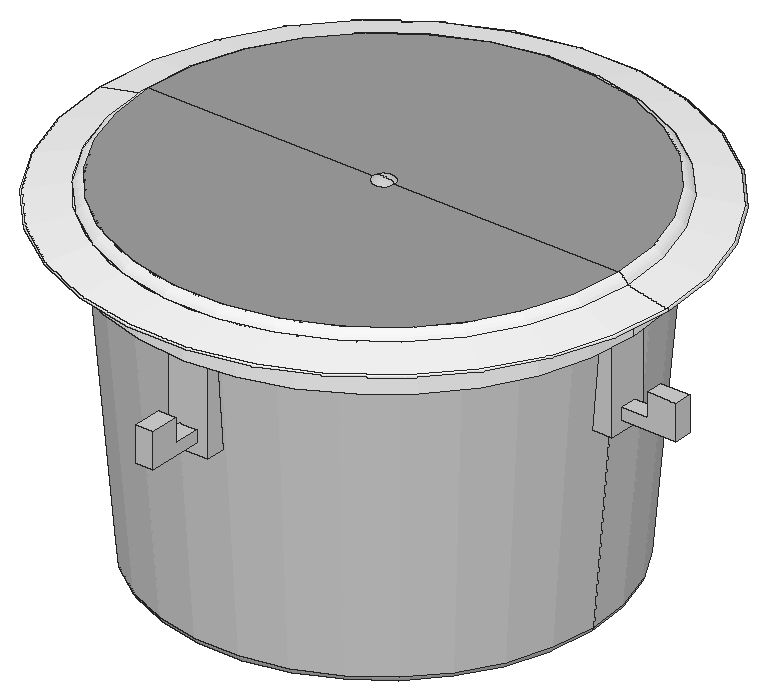
Revit family "FAP62T", category Communication Devices, Revit 2014
Parameters (values of type "Two Way, Full Range, Coaxial Ceiling Loudspeaker")
  Width = 12.50"
  Warranty = "5 Year"
  Vertical Symmetry = yes
  URL = "www.atlassound.com"
  Transformer Option = yes
  Specification by User (default) = "TBD"
  Speaker Type = "S1"
  Speaker Listening Height [instance] = 30.00"
  Speaker Height [instance] = 120.00"
  Speaker Dispersion [instance] = 110.00°
  Speaker Cone Visible [instance] = no
  Speaker Cone Height [instance] = (Speaker Height - Speaker Listening Height)  # 90.00"
  Sensitivity = 88
  ScheduleType |RF| = "AtlasIED Master"
  Safety Agency Ratings = "UL Listed to Comply with UL1480, UL2043 and CSA60065. Suitable for Use in Air Handling Spaces per NFPA 70 and NFPA 90"
  SPL Max = 107
  Regulatory Compliance = "UL Listed to Comply with UL1480, UL2043 and CSA60065. Suitable for Use in Air Handling Spaces per NFPA 70 and NFPA 90"
  Radius of Speaker Cone [instance] = (Speaker Cone Height) * tan(Speaker Dispersion / 2)  # 128.53332"
  Product Page URL = "https://www.atlasied.com/fap62t"
  Product Documentation Link = "https://www.atlasied.com/f/1771/ATS001372%20FAP62T%20RevF%20Data.pdf"
  Power Rating (RMS) = "50 Watts"
  Power Handling = 50
  OmniClass Title = "SPEAKERS"
  OmniClass Number = "23-37 17 13 19"
  Mount Material = none
  Model = "FAP62T"
  MaterFormat Title = "SPEAKERS"
  MasterFormat = "27 41 13"
  Market = "Commercial, Higher Education, Emergency"
  Manufacturer URL = "https://www.atlasied.com"
  Manufacturer Phone = "(800) 876 - 3333"
  Manufacturer Email = "support@atlasied.com"
  Manufacturer Address = "4545 E. Baseline Rd., Phoenix, AZ 85042"
  Manufacturer = "ATLAS SOUND"
  Ingress Protection = "IP-21"
  Impedance = 8
  IQ Category = "SPEAKERS"
  Horizontal Symmetry = yes
  Height = 8.48"
  HF Driver = "19 mm Coaxially Mounted PEI  Dome Tweeter"
  Grill Material = none
  Frequency Response  = "63Hz – 20kHz (±7dB)"
  Family Version [instance] = "2017-01"
  Family Code (default) = "LOUD SPEAKERS"
  Enclosure Material = none
  Dispersion Angle = 110.00°
  Description = "6\" COAXIAL IN-CEILING LOUDSPEAKER WITH 32-WATT 70/100V TRANSFORMER AND PORTED ENCLOSURE"
  Depth = 12.50"
  Coverage Vertical = 110.00°
  Coverage Horizontal = 110.00°
  Cost MSRP = 135.99
  Cost = 135.99
  Controls = "Front Mounted Tap Selector Switch."
  Color = none
  Body Material = none
  Baffle Material = none
  70V Taps = "2, 4, 8, 16, and 32 Watts  & 8Q Bypass. Primary taps (@70.7V)"
  100V Taps = "2, 4, 8, 16, and 32 Watts  & 8Q Bypass. Primary taps (@70.7V)"
Reference planes (in)
  plane 1 "Center (Front/Back)": y = 0
  plane 2: z = 0
  plane 3 "Center (Left/Right)": x = 0
  plane 4: z = 0.55
  plane 5: z = -8.48
  plane 6: y = 5.17184
  plane 7: y = -5.25
  plane 8: z = 0.38172
  plane 9: z = -0.75
  plane 10: z = -12.5
  plane 11: x = 6.25
  plane 12: x = -6.25
  plane 13: y = -6.25
  plane 14: x = -5.5
  plane 15: x = 5.5
Forms (in)
  Revolve 1, solid, material "QF_Plastic-White-Smooth"
    sketch origin (0, 0, 0) x (1, 0, 0) y (0, 0, 1)
      loop
        line (-6.25, 0) -> (-5.5, 0) -> (-5.5, -0.75) -> (0, -0.75) -> (0, 0.21227) -> (-5.36069, 0.21227)
        arc (-5.36069, 0.21227) -> (-5.7924, 0.12916) -> (-6.22241, 0.03769) r 22.63754
        arc (-6.22241, 0.03769) -> (-6.2433, 0.02404) -> (-6.25, 0) r 0.03543
      axis (0, 0.21227) -> (0, -0.75)
    angle from 0 to 360
  Revolve 2, solid, material "QF_Plastic-White-Smooth"
    sketch origin (0, 0, 0) x (1, 0, 0) y (0, 0, 1)
      loop
        line (0, 0.21227) -> (0, 0.38172) -> (0, 0.45737)
        arc (0, 0.45737) -> (-0.12114, 0.44524) -> (-0.225, 0.38172) r 0.27343
        line (-0.225, 0.38172) -> (-5.15874, 0.38172)
        arc (-5.15874, 0.38172) -> (-5.27452, 0.31463) -> (-5.36069, 0.21227) r 0.38882
        line (-5.36069, 0.21227) -> (0, 0.21227)
      axis (0, 0.45737) -> (0, 0.21227)
    angle from 0 to 360
  Revolve 3, solid, material "QF_Metal - Stainless - Polished"
    sketch origin (0, 0, 0) x (1, 0, 0) y (0, 0, 1)
      loop
        line (0, -0.75) -> (-5.13407, -0.75) -> (-4.60413, -6.80722)
        arc (-4.60413, -6.80722) -> (-4.53123, -6.91439) -> (-4.41447, -6.97065) r 0.25
        arc (-4.41447, -6.97065) -> (-3.11074, -7.15145) -> (-1.79556, -7.20384) r 13.43767
        line (-1.79556, -7.20384) -> (0, -7.20384) -> (0, -0.75)
      axis (0, -0.75) -> (0, -7.20384)
    angle from 0 to 360
  Extrusion 4, solid, material "QF_Metal - Stainless - Polished"
    sketch origin (0, 0, -0.75) x (0, 1, 0) y (1, 0, 0)
      loop
        line (0.40934, -5.36067) -> (0.40934, -4.94657) -> (-0.44066, -4.94657) -> (-0.44066, -5.36067) -> (0.40934, -5.36067)
      loop
        line (-5.36069, 0.41845) -> (-5.36069, -0.43155) -> (-4.94329, -0.43155) -> (-4.94329, 0.41845) -> (-5.36069, 0.41845)
      loop
        line (5.36069, 0.41845) -> (4.94329, 0.41845) -> (4.94329, -0.43155) -> (5.36069, -0.43155) -> (5.36069, 0.41845)
      loop
        line (0.40934, 5.36067) -> (-0.44066, 5.36067) -> (-0.44066, 4.94657) -> (0.40934, 4.94657) -> (0.40934, 5.36067)
    from 0 to 1.85886
  Extrusion 5, solid, material "QF_Metal - Stainless - Polished"
    sketch origin (-4.98709, -0.44066, -0.75) x (-1, 0, 0) y (0, 0, -1)
      loop
        line (1.59203, 1.61) -> (0.37358, 1.61) -> (0.37358, 1.36) -> (0.96703, 1.36) -> (0.96703, 0.86) -> (1.59203, 0.86) -> (1.59203, 1.61)
      loop
        line (-11.56621, 1.61) -> (-11.56621, 0.86) -> (-10.94121, 0.86) -> (-10.94121, 1.36) -> (-10.34776, 1.36) -> (-10.34776, 1.61) -> (-11.56621, 1.61)
    from -0.2375 to -0.6125
  Extrusion 6, solid, material "QF_Metal - Stainless - Polished"
    sketch origin (-0.425, 3.7673, -0.75) x (0, 1, 0) y (0, 0, -1)
      loop
        line (-10.34576, 1.61) -> (-10.34576, 0.86) -> (-9.72076, 0.86) -> (-9.72076, 1.36) -> (-9.1273, 1.36) -> (-9.1273, 1.61) -> (-10.34576, 1.61)
      loop
        line (2.81115, 1.61) -> (1.5927, 1.61) -> (1.5927, 1.36) -> (2.18615, 1.36) -> (2.18615, 0.86) -> (2.81115, 0.86) -> (2.81115, 1.61)
    from -0.2375 to -0.6125
  Extrusion 7, solid, material "QF_Metal - Stainless - Polished"
    sketch origin (-6.66586, -180, -8.48) x (-1, 0, 0) y (0, -1, 0)
      loop
        arc (-4.43618, -177.65197) -> (-6.65155, -176.73434) -> (-8.86692, -177.65197) r 3.133
        line (-8.86692, -177.65197) -> (-7.28455, -179.23434) -> (-6.01855, -179.23434) -> (-4.43618, -177.65197)
    from 1.37374 to 1.27559
  Extrusion 8, solid, material "QF_Metal - Stainless - Polished"
    sketch origin (0.36869, -0.76566, -8.48) x (-1, 0, 0) y (0, 0, 1)
      loop
        line (1.016, 1.27559) -> (-0.26405, 1.27559) -> (-0.26405, 0.25)
        arc (-0.26405, 0.25) -> (-0.19083, 0.07322) -> (-0.01405, 0) r 0.25
        line (-0.01405, 0) -> (0.766, 0)
        arc (0.766, 0) -> (0.94278, 0.07322) -> (1.016, 0.25) r 0.25
        line (1.016, 0.25) -> (1.016, 1.27559)
      loop
        circle (0.37645, 0.37996) r 0.25
    from 0 to 0.13
  Extrusion 9, solid, material "QF_Metal - Stainless - Polished"
    sketch origin (-6.66586, -180, -7.20441) x (0, -1, 0) y (-1, 0, 0)
      loop
        line (-177.87354, -5.91901) -> (-177.86412, -7.41908) -> (-176.74282, -7.4121) -> (-176.75224, -5.91214) -> (-177.87354, -5.91901)
      loop
        line (-178.06464, -7.43003) -> (-178.07418, -5.91139) -> (-178.8591, -5.98561) -> (-178.85043, -7.36558) -> (-178.06464, -7.43003)
    from 0 to 0.13
  Blend 10, solid, material "Glass", visible <- "Speaker Cone Visible"
    base sketch origin (0, 0, 0) x (1, 0, 0) y (0, 1, 0)
      loop
        circle (0, 0.09521) r 128.53332
    top sketch origin (0, 0, 0) x (1, 0, 0) y (0, 1, 0)
      loop
        circle (0, 0.09521) r 0.13513
    from 90 <- "Speaker Cone Height" to 0
  Blend 11, solid, material "Glass", visible <- "Speaker Cone Visible"
    base sketch origin (0, 0, 0) x (1, 0, 0) y (0, 1, 0)
      loop
        circle (0, 0.09521) r 128.53332
    top sketch origin (0, 0, 0) x (1, 0, 0) y (0, 1, 0)
      loop
        circle (0, 0.09521) r 0.13513
    from 90 <- "Speaker Cone Height" to 0
Lines and regions (in)
  symbolic lines
    curve 1: circle (0, 0, 0) r 6.25 normal (0, 0, 1)
    curve 2: circle (0, 0, 0) r 0.225 normal (0, 0, 1)
    curve 3: circle (0, 0, 0) r 5.36069 normal (0, 0, 1)
  symbolic lines, style "Sound Projection Average", visible <- "Speaker Cone Visible"
    curve 4: circle (0, 0.09521, 0) r 128.53332 normal (0, 0, 1)
Dimensions and locks (in)
  plane 2 to plane 5 = 8.48"
  level to plane 9 = 0.75"
  plane 6 to plane 7 = 10.42184"
  plane 2 to plane 10 = 12.50"
  plane 12 to plane 11 = 12.50"
  plane 15 to plane 14 = 11.00"
  "Radius of Speaker Cone": radius of Blend 10 sketch curve
  "Radius of Speaker Cone": radius of Blend 11 sketch curve
  aligned and locked: plane 2 to level
  aligned and locked: curve 4 to Blend 11
Nested families (in)
  nested 1: "Speaker Annotation" at (0, 0, 0), Speaker Type <- "Speaker Type", type "Data Annotation"
    with Speaker Type "S1"
Definition of nested family "Speaker Annotation"
  Parameters (values of type "Data Annotation")
    Speaker Type [instance] = ""
  Reference planes (in)
    plane 1: y = 0
    plane 2: x = 0
  Lines and regions (in)
    detail lines, style "Data Device"
      curve 1: circle (-0.00295, 0.00032, 0) r 0.09489 normal (0, 0, 1)
  Text (in)
    label "S1" at (0.00193, -0.00496, 0), shows "Speaker Type"
